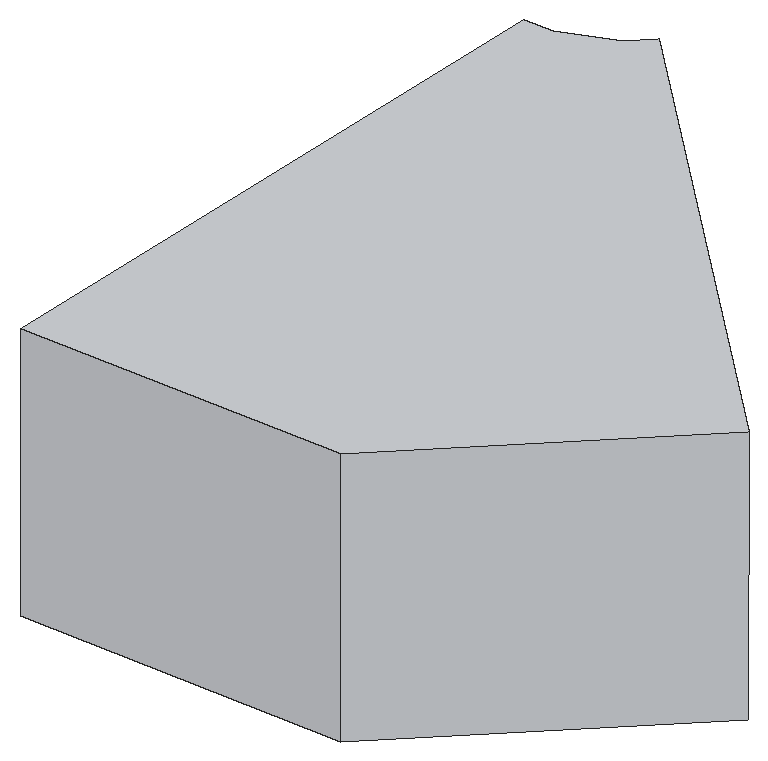
Revit family "M_Cotovelo retangular - Caveto chanfrado - Extremidade acentuada", category Conexões de duto, Revit 2019
Family settings
  Cota do conector redondo = Utilizar diâmetro
  Tipo de parte = Cotovelo
  Número OmniClass = 23.75.70.14
  Título OmniClass = Air Ductwork
  ID de item do Seek = Rectangular Elbow - Beveled Throat - Sharp Heel-0000-CAN-ENU
  Com base no plano de trabalho = Não
  Sempre na vertical = Sim
  Corte com vazios quando carregada = Não
  Compartilhado = Não
Parameters (values of type "Padrão")
  Deslocamento do caveto y [instance] = Comprimento do caveto * sin(Ângulo / 2)  # 19.134 mm
  Deslocamento do caveto x [instance] = Comprimento do caveto * cos(Ângulo / 2)  # 46.194 mm
  Deslocamento do caveto_Análise [instance] = Deslocamento do caveto  # 27.06 mm
  Deslocamento do caveto [instance] = Comprimento do caveto / 2 / cos(Ângulo / 2)  # 27.06 mm
  Comprimento do rebaixo [instance] = 25 mm
  Comprimento y 4 [instance] = if(Ângulo = 90.00°, Largura do duto / 3, Comprimento x 3 * sin(Ângulo))  # 197.903 mm
  Comprimento y 3 [instance] = Largura do duto / 2  # 275 mm
  Comprimento y 2 [instance] = Comprimento x 1 * sin(Ângulo)  # 36.812 mm
  Comprimento y 1 [instance] = if(Ângulo = 90.00°, Largura do duto / 3, Largura do duto / 2)  # 275 mm
  Comprimento x 4 [instance] = Comprimento x 3 * cos(Ângulo)  # 197.903 mm
  Comprimento x 3 [instance] = Comprimento do rebaixo + Comprimento do caveto / cos(Ângulo / 2) / 2 + Largura do duto * tan(Ângulo / 2)  # 279.877 mm
  Comprimento x 2 [instance] = Comprimento x 1 * cos(Ângulo)  # 36.812 mm
  Comprimento x 1 [instance] = Comprimento do rebaixo + Comprimento do caveto / cos(Ângulo / 2) / 2  # 52.06 mm
  Meia largura [instance] = Largura do duto / 2  # 275 mm
  Meia altura [instance] = Altura do duto / 2  # 112.5 mm
  Largura do duto [instance] = 550 mm
  Comprimento do caveto [instance] = 50 mm
  Comprimento do duto 5 [instance] = Comprimento do duto 4 * 2 + Comprimento do caveto  # 159.402 mm
  Comprimento do duto 4 [instance] = Largura do duto / tan((180.00° - Ângulo / 2) / 2) / 2  # 54.701 mm
  Comprimento do duto 3 [instance] = Comprimento do duto 5 / 2 / cos(Ângulo / 2)  # 86.268 mm
  Comprimento do duto 2 [instance] = Comprimento do duto 1 - Comprimento do duto 3  # 79.701 mm
  Comprimento do duto 1 [instance] = Comprimento do rebaixo + Comprimento do caveto / cos(Ângulo / 2) / 2 + Largura do duto / 2 * tan(Ângulo / 2)  # 165.969 mm
  Altura do duto [instance] = 225 mm
  Assembly Code = ""
  Ângulo 1 [instance] = Ângulo / 2  # 22.50°
  Ângulo [instance] = 45.00°
Reference planes
  plane 1 "Centro (Frente/Trás)": y = 0
  plane 2: z = 0
  plane 3 "Centro (Esquerda/Direita)": x = 0
  plane 4 "Isolamento": z = -112.5
  plane 5: x = -165.969
  plane 6: z = 112.5
  plane 7: x = -113.909
  plane 8: x = -77.097
  plane 9: y = 275
  plane 10: y = 311.812
  plane 11: x = 113.909
  plane 12: y = -275
  plane 13: y = -77.097
  plane 14: x = 311.812
Forms (mm)
  Sweep 1, solid, detail levels medium+fine
    path in 3D
      loop
        line (-165.969, 0, 0) -> (-86.268, 0, 0) -> (61, 61, 0) -> (117.357, 117.357, 0)
    profile "M_Duto - Retangular : Duto - Retangular" origin (-126.118, 0, 0) x (0, 1, 0) y (0, 0, 1)
      loop
        line (-275, 112.5) -> (-275, -112.5) -> (275, -112.5) -> (275, 112.5) -> (-275, 112.5)
  Sweep 2, solid, detail levels medium+fine
    path in 3D
      loop
        line (-165.969, 0, 0) -> (0, 0, 0) -> (117.357, 117.357, 0)
    profile "M_Duto - Retangular : Duto - Retangular" origin (-82.984, 0, 0) x (0, 1, 0) y (0, 0, 1)
      loop
        line (-275, 112.5) -> (-275, -112.5) -> (275, -112.5) -> (275, 112.5) -> (-275, 112.5)
Cuts and joins
  joined: Sweep 1, Sweep 2
Lines and regions (mm)
  model lines, detail levels coarse
    curve 1: line (-165.969, 0, 0) -> (0, 0, 0)
    curve 2: line (0, 0, 0) -> (117.357, 117.357, 0)
  reference lines
    curve 3: line (-165.969, 0, 0) -> (-86.268, 0, 0)
    curve 4: line (-86.268, 0, 0) -> (61, 61, 0)
    curve 5: line (61, 61, 0) -> (117.357, 117.357, 0)
  sketch lines
    curve 6: line (-165.969, 0, 0) -> (-86.268, 0, 0)
    curve 7: line (-86.268, 0, 0) -> (61, 61, 0)
    curve 8: line (61, 61, 0) -> (117.357, 117.357, 0)
    curve 9: line (-165.969, 0, 0) -> (0, 0, 0)
    curve 10: line (0, 0, 0) -> (117.357, 117.357, 0)
Dimensions and locks
  "Comprimento do duto 1": plane 5 to plane 3 "Centro (Esquerda/Direita)"
  "Comprimento do duto 1": curve 2 to curve 2
  "Comprimento do duto 2": curve 3 to curve 3
  "Comprimento do duto 5": curve 4 to curve 4
  "Comprimento do duto 2": curve 5 to curve 5
  "Comprimento do duto 1": curve 1 to curve 1
  "Meia altura": plane 6 to plane 2
  "Meia altura": plane 2 to plane 4 "Isolamento"
  "Comprimento x 1": plane 5 to plane 7
  "Comprimento x 2": plane 7 to plane 8
  "Comprimento y 1": plane 1 "Centro (Frente/Trás)" to plane 9
  "Comprimento y 2": plane 9 to plane 10
  "Comprimento x 3": plane 5 to plane 11
  "Comprimento y 3": plane 12 to plane 1 "Centro (Frente/Trás)"
  "Comprimento y 4": plane 13 to plane 12
  "Comprimento x 4": plane 11 to plane 14
  "Ângulo": angle plane 1 "Centro (Frente/Trás)" to curve 2
  "Ângulo 1": angle plane 1 "Centro (Frente/Trás)" to curve 4
  "Ângulo": angle plane 1 "Centro (Frente/Trás)" to curve 5
  aligned and locked: plane 1 "Centro (Frente/Trás)" to curve 1
  aligned and locked: plane 5 to curve 3
  aligned and locked: plane 5 to curve 1
Automatic sketch dimensions
  curve 3 to plane 1 "Centro (Frente/Trás)" = 0 mm
Connectors
  hvac at (-165.969, 0, 0), driven by "Altura do duto", driven by "Largura do duto", driven by "Ângulo"
    settings: on cut or joined group of Sweep 1, Sweep 2, index 1, duct flow 0.0 L/s, flow factor 0, pres drop 0.0 Pa, loss coef 0, conn angle 45.00°, conn width 550 mm, conn height 225 mm, conn diameter 609.6 mm, duct sys type 28, conn prof type 1, flow config 0, flow direction 0, loss method 0, conn ref index 2, conn util no, is conn primary yes, conn desc ""
  hvac at (117.357, 117.357, 0), driven by "Altura do duto", driven by "Largura do duto", driven by "Ângulo"
    settings: on cut or joined group of Sweep 1, Sweep 2, index 2, duct flow 0.0 L/s, flow factor 0, pres drop 0.0 Pa, loss coef 0, conn angle 45.00°, conn width 550 mm, conn height 225 mm, conn diameter 609.6 mm, duct sys type 28, conn prof type 1, flow config 0, flow direction 0, loss method 0, conn ref index 1, conn util no, is conn primary no, conn desc ""
